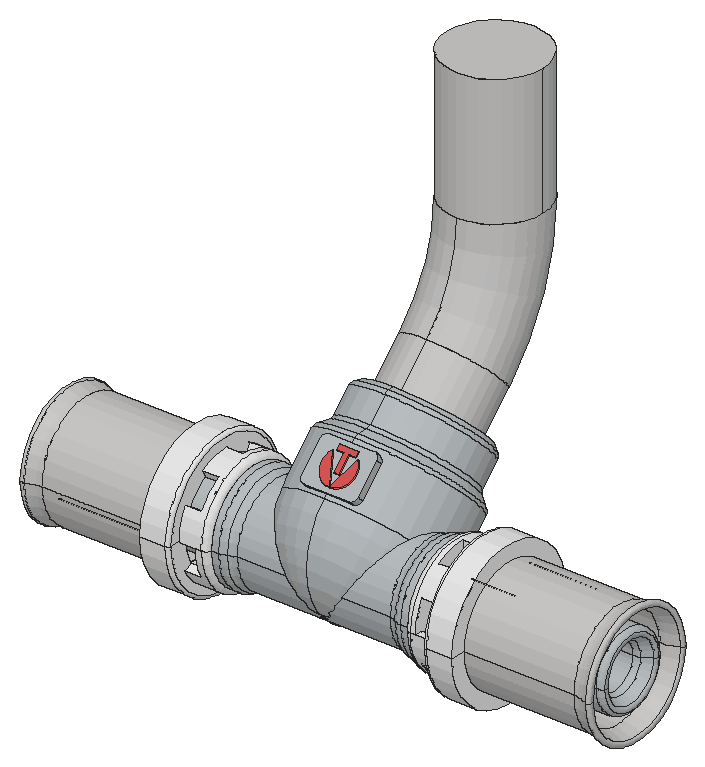
Revit family "VTm_282_ТройникПресс_c_ХромТрубкой", category Соединительные детали трубопроводов, Revit 2017
Family settings
  Размер круглого соединителя = Использовать диаметр
  Тип детали = Боковой тройник
  На основе рабочей плоскости = Нет
  Всегда вертикально = Да
  При загрузке вырезать с полостями = Нет
  Общий = Нет
Parameters (values of type "16 х 15 х 16")
  Фактическая высота от оси пресс гильз до верх торца хром трубки [instance] = h  # 60.00 mm
  Тело = VTm_282_ТелоТройникПрессСХромТ_16_15_16 : VTm_282_ТелоТройникПрессСХромТ_16_15_16
  РадТрубки = 7.502 mm
  Рад3 = DN3 / 4  # 4.00 mm
  Рад2 = DN2 / 4  # 3.75 mm
  Рад1 = DN1 / 4  # 4.00 mm
  Описание = "Служит для подключения отопительного прибора к разводке из металлополимерных труб"  # constant formula
  Комментарии к типоразмеру = "Модель разработана по заказу ВЕСТА Регионы, автор Михаил Кузьмин НПО Инкомис, правообладатель ВЕСТА Регионы"  # constant formula
  Изготовитель = "VALTEC"  # constant formula
  Желаемая высота от оси пресс гильз до верх торца хром трубки [instance] = 60.00 mm
  h [instance] = if(or(Желаемая высота от оси пресс гильз до верх торца хром трубки < 55.00 mm), 55.00 mm, if(or(Желаемая высота от оси пресс гильз до верх торца хром трубки > 700.00 mm), 700.00 mm, Желаемая высота от оси пресс гильз до верх торца хром трубки))  # 60.00 mm
  DN3 = 16.00 mm
  DN2 = 15.00 mm
  DN1 = 16.00 mm
  H [instance] = if(or(Желаемая высота от оси пресс гильз до верх торца хром трубки = 300.00 mm), 299.00 mm, if(or(Желаемая высота от оси пресс гильз до верх торца хром трубки = 700.00 mm), 699.00 mm, Желаемая высота от оси пресс гильз до верх торца хром трубки))  # 60.00 mm
  Длина основы 3 = 17.30 mm
  Длина основы 1 = 17.30 mm
  Гильза2 = VTm_282_Гильза_от_16_до_20 : 16
  Гильза1 = VTm_282_Гильза_от_16_до_20 : 16
  Видеть резьбу [instance] = yes
  VT_Цена базовая [instance] = if(and(DN1 = 16.00 mm, DN3 = 16.00 mm, H > 55.00 mm, H < 300.00 mm), 543, if(and(DN1 = 16.00 mm, DN3 = 16.00 mm, H > 300.00 mm, H < 700.00 mm), 0, if(and(DN1 = 20.00 mm, DN3 = 20.00 mm, H > 55.00 mm, H < 300.00 mm), 597, if(and(DN1 = 20.00 mm, DN3 = 20.00 mm, H > 300.00 mm, H < 700.00 mm), 0, if(and(DN1 = 20.00 mm, DN3 = 16.00 mm, H > 55.00 mm, H < 300.00 mm), 553, if(and(DN1 = 20.00 mm, DN3 = 16.00 mm, H > 300.00 mm, H < 700.00 mm), 0, if(and(DN1 = 16.00 mm, DN3 = 20.00 mm, H > 55.00 mm, H < 300.00 mm), 553, if(and(DN1 = 16.00 mm, DN3 = 20.00 mm, H > 300.00 mm, H < 700.00 mm), 0, 0))))))))  # 543
  VT_sleeve = Нержавеющая сталь
  VT_ring = Пластмасса, непрозрачная, белая
  VT_logo = Алюминий, анодированный красный
  VT_body = Цинк
  URL = "http://valtec.ru/catalog/sistemy_metallopolimernyh_i_polimernyh_truboprovodov/press_fitingi/press_fiting_trojnik_s_hromirovannoj_trubkoj_vtm282n.html"
  ADSK_Примечание = ""
  ADSK_Позиция [instance] = if(and(DN1 = 16.00 mm, DN3 = 16.00 mm, H > 55.00 mm, H < 300.00 mm), "282.161630", if(and(DN1 = 16.00 mm, DN3 = 16.00 mm, H > 300.00 mm, H < 700.00 mm), "282.161670", if(and(DN1 = 20.00 mm, DN3 = 20.00 mm, H > 55.00 mm, H < 300.00 mm), "282.202030", if(and(DN1 = 20.00 mm, DN3 = 20.00 mm, H > 300.00 mm, H < 700.00 mm), "282.202070", if(and(DN1 = 20.00 mm, DN3 = 16.00 mm, H > 55.00 mm, H < 300.00 mm), "282.201630L", if(and(DN1 = 20.00 mm, DN3 = 16.00 mm, H > 300.00 mm, H < 700.00 mm), "282.201670L", if(and(DN1 = 16.00 mm, DN3 = 20.00 mm, H > 55.00 mm, H < 300.00 mm), "282.201630R", if(and(DN1 = 16.00 mm, DN3 = 20.00 mm, H > 300.00 mm, H < 700.00 mm), "282.201670R", "Такого типоразмера не существует"))))))))  # "282.161630"
  ADSK_Обозначение [instance] = if(and(DN1 = 16.00 mm, DN3 = 16.00 mm, H > 55.00 mm, H < 300.00 mm), "VTm.282.N.161516-30", if(and(DN1 = 16.00 mm, DN3 = 16.00 mm, H > 300.00 mm, H < 700.00 mm), "VTm.282.N.161516-70", if(and(DN1 = 20.00 mm, DN3 = 20.00 mm, H > 55.00 mm, H < 300.00 mm), "VTm.282.N.201520-30", if(and(DN1 = 20.00 mm, DN3 = 20.00 mm, H > 300.00 mm, H < 700.00 mm), "VTm.282.N.201520-70", if(and(DN1 = 20.00 mm, DN3 = 16.00 mm, H > 55.00 mm, H < 300.00 mm), "VTm.282.N.201516-30L", if(and(DN1 = 20.00 mm, DN3 = 16.00 mm, H > 300.00 mm, H < 700.00 mm), "VTm.282.N.201516-70L", if(and(DN1 = 16.00 mm, DN3 = 20.00 mm, H > 55.00 mm, H < 300.00 mm), "VTm.282.N.201516-30R", if(and(DN1 = 16.00 mm, DN3 = 20.00 mm, H > 300.00 mm, H < 700.00 mm), "VTm.282.N.201516-70R", "Такого типоразмера не существует"))))))))  # "VTm.282.N.161516-30"
  ADSK_Наименование [instance] = if(and(DN1 = 16.00 mm, DN3 = 16.00 mm, H > 55.00 mm, H < 300.00 mm), "Тройник пресс с хромированной трубкой короткий 16х15х16х300", if(and(DN1 = 16.00 mm, DN3 = 16.00 mm, H > 300.00 mm, H < 700.00 mm), "Тройник пресс с хромированной трубкой длинный 16х15х16х700", if(and(DN1 = 20.00 mm, DN3 = 20.00 mm, H > 55.00 mm, H < 300.00 mm), "Тройник пресс с хромированной трубкой короткий 20х15х20х300", if(and(DN1 = 20.00 mm, DN3 = 20.00 mm, H > 300.00 mm, H < 700.00 mm), "Тройник пресс с хромированной трубкой длинный 20х15х20х700", if(and(DN1 = 20.00 mm, DN3 = 16.00 mm, H > 55.00 mm, H < 300.00 mm), "Тройник пресс с хромированной трубкой короткий левый 20х15х16х300L", if(and(DN1 = 20.00 mm, DN3 = 16.00 mm, H > 300.00 mm, H < 700.00 mm), "Тройник пресс с хромированной трубкой длинный левый 16х15х16х700L", if(and(DN1 = 16.00 mm, DN3 = 20.00 mm, H > 55.00 mm, H < 300.00 mm), "Тройник пресс с хромированной трубкой короткий правый 20х15х16х300R", if(and(DN1 = 16.00 mm, DN3 = 20.00 mm, H > 300.00 mm, H < 700.00 mm), "Тройник пресс с хромированной трубкой длинный правый 20х15х16х700R", "Такого типоразмера не существует"))))))))  # "Тройник пресс с хромированной трубкой короткий 16х15х16х300"
  ADSK_Масса_Текст [instance] = if(and(DN1 = 16.00 mm, DN3 = 16.00 mm, H > 55.00 mm, H < 300.00 mm), "0,231", if(and(DN1 = 16.00 mm, DN3 = 16.00 mm, H > 300.00 mm, H < 700.00 mm), "0,383", if(and(DN1 = 20.00 mm, DN3 = 20.00 mm, H > 55.00 mm, H < 300.00 mm), "0,255", if(and(DN1 = 20.00 mm, DN3 = 20.00 mm, H > 300.00 mm, H < 700.00 mm), "0,355", if(and(DN1 = 20.00 mm, DN3 = 16.00 mm, H > 55.00 mm, H < 300.00 mm), "0,241", if(and(DN1 = 20.00 mm, DN3 = 16.00 mm, H > 300.00 mm, H < 700.00 mm), "0,341", if(and(DN1 = 16.00 mm, DN3 = 20.00 mm, H > 55.00 mm, H < 300.00 mm), "0,241", if(and(DN1 = 16.00 mm, DN3 = 20.00 mm, H > 300.00 mm, H < 700.00 mm), "0,341", " "))))))))  # "0,231"
  ADSK_Масса [instance] = if(and(DN1 = 16.00 mm, DN3 = 16.00 mm, H > 55.00 mm, H < 300.00 mm), 0.231, if(and(DN1 = 16.00 mm, DN3 = 16.00 mm, H > 300.00 mm, H < 700.00 mm), 0.383, if(and(DN1 = 20.00 mm, DN3 = 20.00 mm, H > 55.00 mm, H < 300.00 mm), 0.255, if(and(DN1 = 20.00 mm, DN3 = 20.00 mm, H > 300.00 mm, H < 700.00 mm), 0.355, if(and(DN1 = 20.00 mm, DN3 = 16.00 mm, H > 55.00 mm, H < 300.00 mm), 0.241, if(and(DN1 = 20.00 mm, DN3 = 16.00 mm, H > 300.00 mm, H < 700.00 mm), 0.341, 0))))))  # 0.231
  ADSK_Завод-изготовитель = "VALTEC"  # constant formula
  ADSK_Единица измерения = "шт"  # constant formula
  ADSK_Версия семейства = "01.01"  # constant formula
  ADSK_Версия Revit = "2017"  # constant formula
Types (4, lengths in mm): name | Тело | Рад3 | Рад1 | DN3 | DN1 | Гильза2 | Гильза1 | VT_Цена базовая | ADSK_Позиция | ADSK_Обозначение | ADSK_Наименование | ADSK_Масса_Текст | ADSK_Масса
  16 х 15 х 16 | VTm_282_ТелоТройникПрессСХромТ_16_15_16 : VTm_282_ТелоТройникПрессСХромТ_16_15_16 | 4.00 | 4.00 | 16.00 | 16.00 | VTm_282_Гильза_от_16_до_20 : 16 | VTm_282_Гильза_от_16_до_20 : 16 | 543 | "282.161630" | "VTm.282.N.161516-30" | "Тройник пресс с хромированной трубкой короткий 16х15х16х300" | "0,231" | 0.231
  20 х 15 х 20 | VTm_282_ТелоТройникПрессСХромТ_20_15_20 : VTm_282_ТелоТройникПрессСХромТ_20_15_20 | 5.00 | 5.00 | 20.00 | 20.00 | VTm_282_Гильза_от_16_до_20 : 20 | VTm_282_Гильза_от_16_до_20 : 20 | 597 | "282.202030" | "VTm.282.N.201520-30" | "Тройник пресс с хромированной трубкой короткий 20х15х20х300" | "0,255" | 0.255
  20 х 15 х 16 L | VTm_282_ТелоТройникПрессСХромТ_20_15_16 : VTm_282_ТелоТройникПрессСХромТ_20_15_16 | 4.00 | 5.00 | 16.00 | 20.00 | VTm_282_Гильза_от_16_до_20 : 16 | VTm_282_Гильза_от_16_до_20 : 20 | 553 | "282.201630L" | "VTm.282.N.201516-30L" | "Тройник пресс с хромированной трубкой короткий левый 20х15х16х300L" | "0,241" | 0.241
  20 х 15 х 16 R | VTm_282_ТелоТройникПрессСХромТ_16_15_20 : VTm_282_ТелоТройникПрессСХромТ_16_15_20 | 5.00 | 4.00 | 20.00 | 16.00 | VTm_282_Гильза_от_16_до_20 : 20 | VTm_282_Гильза_от_16_до_20 : 16 | 553 | "282.201630R" | "VTm.282.N.201516-30R" | "Тройник пресс с хромированной трубкой короткий правый 20х15х16х300R" | "0,241" | 0
Reference planes
  plane 1 "По центру (Вперед/Назад)": y = 0
  plane 2: z = 0
  plane 3 "По центру (Влево/Вправо)": x = 0
  plane 4: x = -17.3
  plane 5: x = 17.3
  plane 6: x = -33.3
  plane 7: x = -49.3
  plane 8: x = 33.3
  plane 9: x = 49.3
  plane 10: y = -16
  plane 11: y = 16
  plane 12: z = 60
  plane 13 "ОсьТрубки": y = 28
  plane 14: z = 55
  plane 15: z = 39.598
  plane 16: through (0, 0, 39.598) normal (0, -0.7071, -0.7071)
  plane 17 "БазаТрубки": through (0, 17.668, 3.174) normal (0, 0.7071, 0.7071)
  plane 18: through (0, 0, 0) normal (0, 0.7071, -0.7071)
Forms (mm)
  Extrusion 1, solid, not visible
    sketch origin (0, 0, 0) x (0, 1, 0) y (0, 0, 1)
      loop
        circle (0, 0) r 4
    from 0 to -17.3
  Extrusion 2, solid, not visible
    sketch origin (0, 0, 0) x (0, 1, 0) y (0, 0, -1)
      loop
        circle (0, 0) r 4
    from 0 to -17.3
  Extrusion 3, solid, material "Нержавеющая сталь" <- "VT_sleeve", detail levels fine
    sketch origin (0, 0, 0) x (1, 0, 0) y (0, 1, 0)
      loop
        circle (0, 28) r 7.502
    from 39.598 to 60
  SweptBlend 4, solid, material "Нержавеющая сталь" <- "VT_sleeve", detail levels fine
    path in 3D
      loop
        arc (0, 19.799, 19.799) -> (0, 25.869, 28.883) -> (0, 28, 39.598) r 28
    profile origin (0, 19.799, 19.799) x (0, -0.707107, 0.707107) y (1, 0, 0)
      loop
        circle (0, 0) r 7.502
    end profile origin (0, 28, 39.598) x (0, -1, 0) y (1, 0, 0)
      loop
        circle (0, 0) r 7.502
  Extrusion 5, solid, material "Нержавеющая сталь" <- "VT_sleeve", detail levels fine
    sketch origin (0, 10.421, 10.421) x (0, 0.707107, -0.707107) y (-1, 0, 0)
      loop
        circle (0, 0) r 7.502
    from 0 to 13.262
Cuts and joins
  joined: Extrusion 1, Extrusion 2
  joined: Extrusion 3, SweptBlend 4, Extrusion 5
Lines and regions (mm)
  model lines, style "VT_symbol", detail levels medium
    curve 1: line (-17.3, 16, 0) -> (-49.3, -16, 0)
    curve 2: line (-49.3, 16, 0) -> (-17.3, -16, 0)
    curve 3: line (17.3, 16, 0) -> (49.3, -16, 0)
    curve 4: line (49.3, 16, 0) -> (17.3, -16, 0)
  model lines, style "VT_symbol", detail levels coarse+medium
    curve 5: line (-17.3, 0, 0) -> (17.3, 0, 0)
    curve 6: line (0, 0, 0) -> (0, 19.799, 19.799)
    curve 7: arc (0, 19.799, 19.799) -> (0, 25.869, 28.883) -> (0, 28, 39.598) r 28
    curve 8: line (0, 28, 39.598) -> (0, 28, 60)
  sketch lines
    curve 9: arc (0, 19.799, 19.799) -> (0, 25.869, 28.883) -> (0, 28, 39.598) r 28
Dimensions and locks
  "Длина основы 1": plane 4 to plane 3 "По центру (Влево/Вправо)"
  "Длина основы 3": plane 3 "По центру (Влево/Вправо)" to plane 5
  equal spacing: plane 11, plane 1 "По центру (Вперед/Назад)", plane 10
  equal spacing: plane 7, plane 6, plane 4
  equal spacing: plane 5, plane 8, plane 9
  "DN1": plane 5 to plane 8
  "DN1": plane 6 to plane 4
  "DN1": plane 10 to plane 1 "По центру (Вперед/Назад)"
  locked: plane 13 "ОсьТрубки" to plane 1 "По центру (Вперед/Назад)" at 28
  locked: plane 14 to plane 2 at 55
  plane 15 to plane 2 = 39.598 mm
  "h": plane 12 to plane 2
  "Рад1": radius of Extrusion 1 sketch curve
  "Рад3": radius of Extrusion 2 sketch curve
  "РадТрубки": radius of Extrusion 3 sketch curve
  "РадТрубки": radius of SweptBlend 4 sketch curve  (x2)
  "РадТрубки": radius of Extrusion 5 sketch curve
  aligned and locked: level to plane 2
  aligned and locked: plane 1 "По центру (Вперед/Назад)" to Extrusion 1 sketch curve
  aligned and locked: plane 2 to Extrusion 1 sketch curve
  aligned and locked: plane 3 "По центру (Влево/Вправо)" to Extrusion 1
  aligned and locked: Extrusion 1 to plane 4
  aligned and locked: plane 5 to Extrusion 2
  aligned and locked: Extrusion 2 to plane 3 "По центру (Влево/Вправо)"
  aligned and locked: plane 11 to curve 1
  aligned and locked: plane 4 to curve 1
  aligned and locked: plane 4 to curve 2
  aligned and locked: plane 10 to curve 2
  aligned and locked: plane 10 to curve 1
  aligned and locked: plane 7 to curve 1
  aligned and locked: plane 7 to curve 2
  aligned and locked: plane 11 to curve 2
  aligned and locked: plane 5 to curve 3
  aligned and locked: plane 11 to curve 3
  aligned and locked: plane 11 to curve 4
  aligned and locked: plane 9 to curve 4
  aligned and locked: plane 9 to curve 3
  aligned and locked: plane 10 to curve 3
  aligned and locked: plane 10 to curve 4
  aligned and locked: plane 5 to curve 4
  aligned and locked: plane 4 to curve 5
  aligned and locked: plane 5 to curve 5
  aligned and locked: nested 2 to plane 1 "По центру (Вперед/Назад)"
  aligned and locked: nested 2 to plane 2
  aligned and locked: nested 1 to plane 1 "По центру (Вперед/Назад)"
  aligned and locked: nested 1 to plane 2
  aligned and locked: plane 3 "По центру (Влево/Вправо)" to nested 3
  aligned and locked: plane 1 "По центру (Вперед/Назад)" to nested 3
  aligned and locked: plane 13 "ОсьТрубки" to curve 8
  aligned and locked: plane 1 "По центру (Вперед/Назад)" to curve 7
  aligned and locked: plane 15 to curve 7
  aligned and locked: curve 6 to plane 18
  aligned and locked: plane 12 to curve 8
  aligned and locked: plane 13 "ОсьТрубки" to Extrusion 3 sketch curve
  aligned and locked: plane 3 "По центру (Влево/Вправо)" to Extrusion 3 sketch curve
  aligned and locked: plane 12 to Extrusion 3
  aligned and locked: Extrusion 3 to plane 15
  aligned and locked: plane 3 "По центру (Влево/Вправо)" to SweptBlend 4 sketch curve  (x2)
  aligned and locked: profile plane to plane 3 "По центру (Влево/Вправо)"  (x2)
  aligned and locked: plane 13 "ОсьТрубки" to SweptBlend 4 sketch curve
  aligned and locked: profile plane to plane 13 "ОсьТрубки"
  aligned and locked: plane 3 "По центру (Влево/Вправо)" to Extrusion 5 sketch curve
  aligned and locked: plane 18 to Extrusion 5 sketch curve
  aligned and locked: Extrusion 5 to plane 17 "БазаТрубки"
  aligned and locked: Extrusion 5 to plane 16
  aligned and locked: nested 5 to plane 1 "По центру (Вперед/Назад)"
  aligned and locked: nested 4 to plane 1 "По центру (Вперед/Назад)"
  aligned and locked: nested 5 to plane 2
  aligned and locked: plane 2 to nested 4
Automatic sketch dimensions
  plane 1 "По центру (Вперед/Назад)" to curve 5 = 0.00 mm
  curve 6 to level = 0.00 mm
  SweptBlend 4 sketch curve to profile plane = 0.00 mm
  Extrusion 2 sketch curve to level = 0.00 mm
  Extrusion 2 sketch curve to plane 1 "По центру (Вперед/Назад)" = 0.00 mm
Nested families
  nested 1: "MarkR" at (-17.3, 0, 0) x (0, 1, 0) z (1, 0, 0), type "MarkR", not visible
  nested 2: "MarkR" at (17.3, 0, 0) x (0, 1, 0) z (1, 0, 0), type "MarkR", not visible
  nested 3: "VTm_282_ТелоТройникПрессСХромТ_16_15_16" at (0, 0, 0), type <- "Тело", type "VTm_282_ТелоТройникПрессСХромТ_16_15_16", detail levels fine
  nested 4: "VTm_282_Гильза_от_16_до_20" at (-17.3, 0, 0) x (0, 1, 0) z (-1, 0, 0), type <- "Гильза1", type "16", detail levels fine
  nested 5: "VTm_282_Гильза_от_16_до_20" at (17.3, 0, 0) x (0, 1, 0) z (1, 0, 0), type <- "Гильза2", type "16", detail levels fine
Connectors
  piping at (-17.3, 0, 0), diameter 16, driven by "DN1"
    settings: on Extrusion 1, index 1, connector inside diameter 609.6 mm, connector length 0.00 mm, flow factor 0, pipe flow 0.0 L/s, pressure drop 0.0 Pa, fitting loss kfactor 0, connector angle 0.00°, fixture units 0, engagement length 0.00 mm, angle of deflection 0.00°, flow configuration 0, flow direction 0, fitting loss method 0, system type 28, joint type 0, gender type 0, connector reference index 2, connector utility 0, adjustable connector no, is connector primary yes, connector description ""
  piping at (17.3, 0, 0), diameter 16, driven by "DN3"
    settings: on Extrusion 2, index 2, connector inside diameter 609.6 mm, connector length 0.00 mm, flow factor 0, pipe flow 0.0 L/s, pressure drop 0.0 Pa, fitting loss kfactor 0, connector angle 0.00°, fixture units 0, engagement length 0.00 mm, angle of deflection 0.00°, flow configuration 0, flow direction 0, fitting loss method 0, system type 28, joint type 0, gender type 0, connector reference index 1, connector utility 0, adjustable connector no, is connector primary no, connector description ""
  piping at (0, 28, 60), diameter 15, driven by "DN2"
    settings: on cut or joined group of Extrusion 3, SweptBlend 4, Extrusion 5, index 3, connector inside diameter 609.6 mm, connector length 0.00 mm, flow factor 0, pipe flow 0.0 L/s, pressure drop 0.0 Pa, fitting loss kfactor 0, connector angle 0.00°, fixture units 0, engagement length 0.00 mm, angle of deflection 0.00°, flow configuration 0, flow direction 0, fitting loss method 0, system type 28, joint type 0, gender type 0, connector reference index -1, connector utility 0, adjustable connector no, is connector primary no, connector description ""
Definition of nested family "VTm_282_ТелоТройникПрессСХромТ_16_15_16"
  Parameters (values of type "VTm_282_ТелоТройникПрессСХромТ_16_15_16")
    Default Elevation = 1219.20 mm
    VT_logo = none
    VT_body = none
  Reference planes
    plane 1 "По центру (Вперед/Назад)": y = 0
    plane 2: z = 0
    plane 3 "По центру (Влево/Вправо)": x = 0
    plane 4: z = 12.031
    plane 5: z = -12.031
    plane 6: y = -7.75
    plane 7: x = -12
    plane 8: x = -10.25
    plane 9 "КосаяОснова": through (0, 0, 0) normal (0, 0.7071, -0.7071)
    plane 10: through (0, 0, 0) normal (0, 0.7071, 0.7071)
    plane 11: through (0, 8.014, -9.15) normal (0, 0.7071, -0.7071)
    plane 12: through (0, -8.582, 8.582) normal (0, 0.7071, -0.7071)
    plane 13: through (0, 20.492, 5.996) normal (0, -0.7071, 0.7071)
    plane 14: through (0, 17.678, 0.707) normal (0, -0.7071, 0.7071)
    plane 15: y = 3
    plane 16: z = 3
    plane 17: y = -8.5
  Forms (mm)
    Revolve 1, solid, material <- "VT_body"
      sketch origin (0, 0, 0) x (1, 0, 0) y (0, 1, 0)
        loop
          line (-11.997, -7.75) -> (11.997, -7.75)
          arc (11.997, -7.75) -> (12.609, -7.846) -> (13.163, -8.125) r 2
          arc (13.163, -8.125) -> (13.716, -8.404) -> (14.328, -8.5) r 2
          line (14.328, -8.5) -> (15.5, -8.5) -> (15.5, 0) -> (-15.5, 0) -> (-15.5, -8.5) -> (-14.328, -8.5)
          arc (-14.328, -8.5) -> (-13.716, -8.404) -> (-13.163, -8.125) r 2
          arc (-13.163, -8.125) -> (-12.609, -7.846) -> (-11.997, -7.75) r 2
        axis (-15.5, 0) -> (15.5, 0)
      angle from 0 to 360
    Revolve 2, solid, material <- "VT_body"
      sketch origin (0, 0, 0) x (0, 1, 0) y (0, 0, 1)
        loop
          arc (17.386, 0.416) -> (17.602, 0.738) -> (17.678, 1.119) r 0.995
          line (17.678, 1.119) -> (17.678, 2.767)
          arc (17.678, 2.767) -> (17.754, 3.15) -> (17.971, 3.475) r 1.001
          line (17.971, 3.475) -> (20.92, 6.424)
          arc (20.92, 6.424) -> (21.137, 6.749) -> (21.213, 7.133) r 1.002
          line (21.213, 7.133) -> (21.213, 8.132) -> (14.672, 14.672) -> (-5.485, -5.485)
          arc (-5.485, -5.485) -> (3, -9) -> (11.485, -5.485) r 12
          line (11.485, -5.485) -> (17.386, 0.416)
        axis (14.672, 14.672) -> (-5.485, -5.485)
      angle from 0 to 360
    Extrusion 3, solid, material <- "VT_body"
      sketch origin (0, 0, 0) x (0, -0.707107, -0.707107) y (-1, 0, 0)
        loop
          arc (-11.909, -3.502) -> (-11.617, -4.208) -> (-10.911, -4.5) r 0.998
          line (-10.911, -4.5) -> (-5.909, -4.5)
          arc (-5.909, -4.5) -> (-5.202, -4.207) -> (-4.909, -3.5) r 1
          line (-4.909, -3.5) -> (-4.909, 3.501)
          arc (-4.909, 3.501) -> (-5.202, 4.207) -> (-5.909, 4.5) r 0.999
          line (-5.909, 4.5) -> (-10.906, 4.5)
          arc (-10.906, 4.5) -> (-11.615, 4.206) -> (-11.909, 3.497) r 1.003
          line (-11.909, 3.497) -> (-11.909, -3.502)
      from -12.137 to 12.137
  Dimensions and locks
    equal spacing: plane 4, plane 2, plane 5, locked at 12.031 each
    locked: plane 7 to plane 3 "По центру (Влево/Вправо)" at 12
    locked: plane 8 to plane 3 "По центру (Влево/Вправо)" at 10.25
    locked: plane 6 to plane 1 "По центру (Вперед/Назад)" at 7.75
    equal spacing: Revolve 1, plane 3 "По центру (Влево/Вправо)", Revolve 1, locked at 15.5 each
    equal spacing: plane 11, plane 9 "КосаяОснова", plane 12, locked at 12.137 each
    Extrusion 3 sketch curve to plane 3 "По центру (Влево/Вправо)" to Extrusion 3 sketch curve = 4.50 mm, 4.50 mm
    Extrusion 3 sketch curve to Extrusion 3 sketch curve = 7.00 mm
    locked: plane 9 "КосаяОснова" to plane 14 at 12
    locked: plane 9 "КосаяОснова" to plane 13 at 10.25
    locked: plane 16 to plane 2 at 3
    locked: plane 15 to plane 1 "По центру (Вперед/Назад)" at 3
    locked: Revolve 2 to plane 10 at 20.75
    equal spacing: Extrusion 3, plane 3 "По центру (Влево/Вправо)", Extrusion 3, locked at 4.5 each
    locked: plane 10 to Extrusion 3 at 4.909
    locked: Extrusion 3 to plane 10 at 11.909
    equal spacing: Extrusion 3, nested 2, Extrusion 3, locked at 3.5 each
    equal spacing: Extrusion 3, nested 1, Extrusion 3, locked at 3.5 each
    locked: plane 1 "По центру (Вперед/Назад)" to plane 17 at 8.5
    aligned and locked: level to plane 2
    aligned and locked: plane 1 "По центру (Вперед/Назад)" to Revolve 1 sketch curve
    aligned and locked: Revolve 1 sketch curve to Revolve 1 sketch curve
    aligned and locked: plane 9 "КосаяОснова" to Revolve 2 sketch curve
    aligned and locked: Revolve 2 sketch curve to Revolve 2 sketch curve
    aligned and locked: Extrusion 3 to plane 12
    aligned and locked: plane 11 to Extrusion 3
    aligned and locked: Revolve 2 sketch curve to plane 14
    aligned and locked: Revolve 2 sketch curve to plane 13
    aligned and locked: plane 15 to Revolve 2 sketch curve
    aligned and locked: plane 16 to Revolve 2 sketch curve
    aligned and locked: nested 2 to plane 3 "По центру (Влево/Вправо)"
    aligned and locked: plane 3 "По центру (Влево/Вправо)" to nested 1
    aligned and locked: Revolve 1 sketch curve to plane 6
    aligned and locked: plane 17 to Revolve 1 sketch curve
    aligned and locked: Revolve 1 sketch curve to plane 17
  Automatic sketch dimensions
    Revolve 1 sketch curve to plane 7 = 3.50 mm
    Revolve 1 sketch curve to Revolve 1 sketch curve = 1.172 mm  (x2)
    plane 7 to Revolve 1 sketch curve = 0.003 mm
    plane 3 "По центру (Влево/Вправо)" to Revolve 1 sketch curve = 11.997 mm
    Revolve 1 sketch curve to Revolve 1 sketch curve = 2.332 mm
    Revolve 1 sketch curve to plane 6 = 2.00 mm  (x2)
    plane 6 to Revolve 1 sketch curve = 1.25 mm  (x2)
    Revolve 1 sketch curve to Revolve 1 sketch curve = 4.50 mm  (x2)
    plane 4 to Revolve 2 sketch curve = 2.641 mm
    level to Revolve 2 sketch curve = 1.119 mm
    level to Revolve 2 sketch curve = 3.475 mm
    Revolve 2 sketch curve to Revolve 2 sketch curve = 0.293 mm
    Revolve 2 sketch curve to Revolve 2 sketch curve = 2.24 mm
    level to Revolve 2 sketch curve = 6.424 mm
    plane 5 to Revolve 2 sketch curve = 1.425 mm
    plane 4 to Revolve 2 sketch curve = 5.646 mm
    plane 3 "По центру (Влево/Вправо)" to Extrusion 3 sketch curve = 3.502 mm
    plane 10 to Extrusion 3 sketch curve = 11.909 mm
    Extrusion 3 sketch curve to Extrusion 3 sketch curve = 1.003 mm
    Extrusion 3 sketch curve to Extrusion 3 sketch curve = 1.00 mm
    Extrusion 3 sketch curve to Extrusion 3 sketch curve = 0.999 mm
  Nested families
    nested 1: "VTm_282_Logo_5_5mm" at (0, -2.636, 14.528) x (1, 0, 0) z (0, -0.7071, 0.7071), type "VTm_282_Logo_5_5mm"
    nested 2: "VTm_282_Logo_5_5mm" at (0, 14.528, -2.636) x (-1, 0, 0) z (0, 0.7071, -0.7071), type "VTm_282_Logo_5_5mm"
  Definition of nested family "VTm_282_Logo_5_5mm"
    Parameters (values of type "VTm_282_Logo_5_5mm")
      Default Elevation = 0.00 mm
      Description = ""
      Type Comments = ""
      VT_logo = none
    Reference planes
      plane 1 "По центру (Вперед/Назад)": y = 0
      plane 2: z = 0
      plane 3 "По центру (Влево/Вправо)": x = 0
      plane 4: z = -0.8
      plane 5: z = 0.1
    Forms (mm)
      Extrusion 1, solid, not visible
        sketch origin (0, 0, 0) x (1, 0, 0) y (0, 1, 0)
          loop
            line (-1219.2, 1219.2) -> (-1219.2, -1219.2) -> (1219.2, -1219.2) -> (1219.2, 1219.2) -> (-1219.2, 1219.2)
        from 0 to -304.8
      Extrusion 2, solid, material <- "VT_logo"
        sketch origin (0, 0, 0) x (1, 0, 0) y (0, 1, 0)
          loop
            arc (-2.006, 1.803) -> (-2.464, -1.097) -> (-0.002, -2.697) r 2.697
            line (-0.002, -2.697) -> (-2.006, 1.803)
          loop
            line (-0.42, 1.945) -> (-0.42, -0.8) -> (0.42, -0.8) -> (0.42, 1.945) -> (1.5, 1.945) -> (1.5, 2.749) -> (-1.5, 2.749) -> (-1.5, 1.945) -> (-0.42, 1.945)
        from -0.8 to 0.1
      Extrusion 3, solid, material <- "VT_logo"
        sketch origin (0, 0, 0) x (1, 0, 0) y (0, 1, 0)
          loop
            arc (0.002, -2.697) -> (2.464, -1.097) -> (2.006, 1.803) r 2.697
            line (2.006, 1.803) -> (0.002, -2.697)
        from -0.8 to 0.1
    Dimensions and locks
      equal spacing: Extrusion 2 sketch curve, plane 3 "По центру (Влево/Вправо)", Extrusion 2 sketch curve  (x2)
      plane 3 "По центру (Влево/Вправо)" to Extrusion 2 sketch curve = 0.42 mm
      Extrusion 2 sketch curve to plane 3 "По центру (Влево/Вправо)" to Extrusion 2 sketch curve = 1.50 mm, 1.50 mm
      Extrusion 2 sketch curve to Extrusion 2 sketch curve = 0.803 mm  (x2)
      locked: plane 2 to plane 4 at 0.8
      locked: plane 5 to plane 2 at 0.1
      equal spacing: Extrusion 2, plane 3 "По центру (Влево/Вправо)", Extrusion 2, locked at 1.5 each
      equal spacing: Extrusion 2, plane 3 "По центру (Влево/Вправо)", Extrusion 2, locked at 0.42 each
      locked: Extrusion 2 to plane 1 "По центру (Вперед/Назад)" at 2.749
      locked: Extrusion 2 to plane 1 "По центру (Вперед/Назад)" at 0.8
      locked: Extrusion 2 to Extrusion 2 at 0.803
      Extrusion 2 sketch curve to plane 1 "По центру (Вперед/Назад)" = 0.80 mm
      aligned and locked: plane 2 to Extrusion 1
      aligned and locked: level to Extrusion 1
      aligned and locked: plane 5 to Extrusion 2
      aligned and locked: plane 3 "По центру (Влево/Вправо)" to Extrusion 2 sketch curve
      aligned and locked: plane 1 "По центру (Вперед/Назад)" to Extrusion 2 sketch curve
      aligned and locked: plane 3 "По центру (Влево/Вправо)" to Extrusion 3 sketch curve
      aligned and locked: plane 1 "По центру (Вперед/Назад)" to Extrusion 3 sketch curve
      aligned and locked: plane 5 to Extrusion 3
      aligned and locked: Extrusion 2 to plane 4
      aligned and locked: Extrusion 2 to Extrusion 3
    Automatic sketch dimensions
      Extrusion 1 sketch curve to Extrusion 1 sketch curve = 2438.40 mm  (x2)
      Extrusion 2 sketch curve to Extrusion 2 sketch curve = 0.506 mm
      Extrusion 2 sketch curve to plane 3 "По центру (Влево/Вправо)" = 0.002 mm
      Extrusion 2 sketch curve to Extrusion 2 sketch curve = 1.897 mm
      Extrusion 2 sketch curve to Extrusion 2 sketch curve = 0.142 mm
      plane 3 "По центру (Влево/Вправо)" to Extrusion 3 sketch curve = 0.002 mm
      plane 3 "По центру (Влево/Вправо)" to Extrusion 3 sketch curve = 2.006 mm
      plane 1 "По центру (Вперед/Назад)" to Extrusion 3 sketch curve = 2.697 mm
Definition of nested family "VTm_282_Гильза_от_16_до_20"
  Parameters (values of type "16")
    ТолщСтенкТруб = 2.10 mm
    РегулировкаВысотГильз = 17.30 mm
    РадПерфНаруж = 9.30 mm
    РадПерфВнутр = РадПерфНаруж - 1.30 mm  # 8.00 mm
    РадГабаритКольца = 11.20 mm
    Default Elevation = 0.00 mm
    НарРадТруб = НарДиамТруб / 2  # 8.00 mm
    НарДиамТруб = 16.00 mm
    ВысотаОкон = 2.697 mm
    VT_body = none
    VT_ring = none
    VT_sleeve = none
  Types (2, lengths in mm): name | РегулировкаВысотГильз | РадПерфНаруж | РадПерфВнутр | РадГабаритКольца | НарРадТруб | НарДиамТруб
    16 | 17.30 | 9.30 | 8.00 | 11.20 | 8.00 | 16.00
    20 | 17.35 | 11.45 | 10.15 | 13.20 | 10.05 | 20.10
  Reference planes
    plane 1 "По центру (Вперед/Назад)": y = 0
    plane 2: z = 0
    plane 3 "По центру (Влево/Вправо)": x = 0
    plane 4: z = -1.8
    plane 5: z = 2.697
    plane 6: z = 7.197
    plane 7: x = -11.2
    plane 8: x = -9.3
    plane 9 "РадПерфВнутр": x = -8
    plane 10: through (0, 0, 1219.2) normal (-0.5, -0.866, 0)
    plane 11: through (0, 0, 1219.2) normal (-0.866, -0.5, 0)
    plane 12: through (0, 0, 1219.2) normal (-0.866, 0.5, 0)
    plane 13: through (0, 0, 1219.2) normal (-0.5, 0.866, 0)
    plane 14: x = -8.9
    plane 15: z = 24.497
    plane 16: z = 27.313
    plane 17: x = -5.9
    plane 18: x = -3.5
    plane 19 "РадНарТруб": x = -8
    plane 20: x = -13.75
  Forms (mm)
    Extrusion 1, solid, not visible
      sketch origin (0, 0, 0) x (1, 0, 0) y (0, 1, 0)
        loop
          line (-1219.2, 1219.2) -> (-1219.2, -1219.2) -> (1219.2, -1219.2) -> (1219.2, 1219.2) -> (-1219.2, 1219.2)
      from 0 to -304.8
    Revolve 2, solid, material <- "VT_ring"
      sketch origin (0, 0, 0) x (1, 0, 0) y (0, 0, 1)
        loop
          line (-8, 0) -> (-8, 2.697) -> (-9.3, 2.697) -> (-9.3, -0.817)
          arc (-9.3, -0.817) -> (-9.012, -1.512) -> (-8.317, -1.8) r 0.983
          line (-8.317, -1.8) -> (0, -1.8) -> (0, 0) -> (-8, 0)
        axis (0, 2.697) -> (0, -1.8)
      angle from 0 to 360
    Extrusion 3, void
      sketch origin (0, 0, 0) x (1, 0, 0) y (0, 1, 0)
        loop
          line (-9.3, 0) -> (-8, 0)
          arc (-8, 0) -> (-7.727, 2.071) -> (-6.928, 4) r 8
          line (-6.928, 4) -> (-8.054, 4.65)
          arc (-8.054, 4.65) -> (-8.983, 2.407) -> (-9.3, 0) r 9.3
        loop
          arc (-4, 6.928) -> (-2.071, 7.727) -> (0, 8) r 8
          line (0, 8) -> (0, 9.3)
          arc (0, 9.3) -> (-2.407, 8.983) -> (-4.65, 8.054) r 9.3
          line (-4.65, 8.054) -> (-4, 6.928)
        loop
          arc (4, 6.928) -> (5.657, 5.657) -> (6.928, 4) r 8
          line (6.928, 4) -> (8.054, 4.65)
          arc (8.054, 4.65) -> (6.576, 6.576) -> (4.65, 8.054) r 9.3
          line (4.65, 8.054) -> (4, 6.928)
        loop
          arc (8, 0) -> (7.727, -2.071) -> (6.928, -4) r 8
          line (6.928, -4) -> (8.054, -4.65)
          arc (8.054, -4.65) -> (8.983, -2.407) -> (9.3, 0) r 9.3
          line (9.3, 0) -> (8, 0)
        loop
          arc (4, -6.928) -> (2.071, -7.727) -> (0, -8) r 8
          line (0, -8) -> (0, -9.3)
          arc (0, -9.3) -> (2.407, -8.983) -> (4.65, -8.054) r 9.3
          line (4.65, -8.054) -> (4, -6.928)
        loop
          arc (-8.054, -4.65) -> (-6.576, -6.576) -> (-4.65, -8.054) r 9.3
          line (-4.65, -8.054) -> (-4, -6.928)
          arc (-4, -6.928) -> (-5.657, -5.657) -> (-6.928, -4) r 8
          line (-6.928, -4) -> (-8.054, -4.65)
      from 0 to 2.697
    Revolve 4, solid, material <- "VT_ring"
      sketch origin (0, 0, 0) x (1, 0, 0) y (0, 0, 1)
        loop
          line (-11.2, 7.197) -> (-11.2, 3.224)
          arc (-11.2, 3.224) -> (-11.046, 2.851) -> (-10.674, 2.697) r 0.526
          line (-10.674, 2.697) -> (-8, 2.697) -> (-8, 7.197) -> (-11.2, 7.197)
        axis (0, 2.697) -> (0, 7.197)
      angle from 0 to 360
    Revolve 5, solid, material <- "VT_sleeve"
      sketch origin (0, 0, 0) x (1, 0, 0) y (0, 0, 1)
        loop
          line (-8.9, 7.197) -> (-8, 7.197) -> (-8, 24.497)
          arc (-8, 24.497) -> (-8.187, 25.953) -> (-8.737, 27.313) r 5.75
          arc (-8.737, 27.313) -> (-9.35, 27.485) -> (-9.522, 26.873) r 0.45
          arc (-9.522, 26.873) -> (-9.058, 25.725) -> (-8.9, 24.497) r 4.85
          line (-8.9, 24.497) -> (-8.9, 7.197)
        axis (0, 27.313) -> (0, 7.197)
      angle from 0 to 360
    Revolve 6, solid, material <- "VT_body"
      sketch origin (0, 0, 0) x (1, 0, 0) y (0, 0, 1)
        loop
          line (-3.764, 24.955) -> (-4.576, 26.366)
          arc (-4.576, 26.366) -> (-4.898, 26.631) -> (-5.315, 26.617) r 0.591
          arc (-5.315, 26.617) -> (-5.74, 26.267) -> (-5.9, 25.739) r 0.951
          line (-5.9, 25.739) -> (-5.9, 0) -> (-3.5, 0) -> (-3.5, 23.969)
          arc (-3.5, 23.969) -> (-3.567, 24.479) -> (-3.764, 24.955) r 1.977
        axis (0, 26.617) -> (0, 0)
      angle from 0 to 360
  Cuts and joins
    Extrusion 3 cuts Revolve 2
  Dimensions and locks
    "РадГабаритКольца": plane 7 to plane 3 "По центру (Влево/Вправо)"
    "РадПерфНаруж": plane 8 to plane 3 "По центру (Влево/Вправо)"
    "РадПерфВнутр": plane 9 "РадПерфВнутр" to plane 3 "По центру (Влево/Вправо)"
    locked: plane 17 to plane 18 at 2.4
    "ТолщСтенкТруб": plane 19 "РадНарТруб" to plane 17
    "НарРадТруб": plane 19 "РадНарТруб" to plane 3 "По центру (Влево/Вправо)"
    locked: plane 14 to plane 19 "РадНарТруб" at 0.9
    "РегулировкаВысотГильз": plane 15 to plane 6
    locked: plane 16 to plane 15 at 2.816
    plane 16 to plane 4 = 29.113 mm
    locked: plane 19 "РадНарТруб" to plane 20 at 5.75
    locked: plane 6 to plane 5 at 4.5
    locked: plane 2 to plane 4 at 1.8
    "ВысотаОкон": plane 5 to plane 2
    "РадПерфВнутр": radius of Extrusion 3 sketch curve  (x6)
    "РадПерфНаруж": radius of Extrusion 3 sketch curve  (x6)
    aligned and locked: plane 2 to Extrusion 1
    aligned and locked: level to Extrusion 1
    aligned and locked: Revolve 2 sketch curve to plane 8
    aligned and locked: Revolve 2 sketch curve to plane 3 "По центру (Влево/Вправо)"
    aligned and locked: plane 2 to Revolve 2 sketch curve
    aligned and locked: plane 4 to Revolve 2 sketch curve  (x2)
    aligned and locked: Revolve 2 sketch curve to plane 2
    aligned and locked: Extrusion 3 sketch curve to plane 1 "По центру (Вперед/Назад)"
    aligned and locked: plane 10 to Extrusion 3 sketch curve
    aligned and locked: plane 3 "По центру (Влево/Вправо)" to Extrusion 3 sketch curve  (x13)
    aligned and locked: plane 1 "По центру (Вперед/Назад)" to Extrusion 3 sketch curve  (x13)
    aligned and locked: Extrusion 3 to plane 2
    aligned and locked: plane 5 to Extrusion 3
    aligned and locked: Revolve 2 sketch curve to plane 9 "РадПерфВнутр"
    aligned and locked: Revolve 2 sketch curve to plane 5
    aligned and locked: Extrusion 3 sketch curve to plane 11
    aligned and locked: Extrusion 3 sketch curve to plane 3 "По центру (Влево/Вправо)"
    aligned and locked: Extrusion 3 sketch curve to plane 12
    aligned and locked: plane 13 to Extrusion 3 sketch curve
    aligned and locked: Extrusion 3 sketch curve to plane 10
    aligned and locked: plane 11 to Extrusion 3 sketch curve
    aligned and locked: Extrusion 3 sketch curve to plane 13
    aligned and locked: plane 12 to Extrusion 3 sketch curve
    aligned and locked: plane 9 "РадПерфВнутр" to Revolve 4 sketch curve
    aligned and locked: plane 7 to Revolve 4 sketch curve
    aligned and locked: plane 6 to Revolve 4 sketch curve
    aligned and locked: Revolve 4 sketch curve to plane 5
    aligned and locked: plane 3 "По центру (Влево/Вправо)" to Revolve 4 sketch curve
    aligned and locked: plane 4 to Revolve 4 sketch curve
    aligned and locked: plane 2 to Revolve 4 sketch curve
    aligned and locked: Revolve 5 sketch curve to plane 3 "По центру (Влево/Вправо)"
    aligned and locked: plane 4 to Revolve 5 sketch curve
    aligned and locked: plane 2 to Revolve 5 sketch curve
    aligned and locked: Revolve 5 sketch curve to plane 14
    aligned and locked: Revolve 5 sketch curve to plane 6
    aligned and locked: Revolve 6 sketch curve to plane 2
    aligned and locked: plane 17 to Revolve 6 sketch curve
    aligned and locked: Revolve 6 sketch curve to plane 3 "По центру (Влево/Вправо)"
    aligned and locked: plane 4 to Revolve 6 sketch curve
    aligned and locked: plane 2 to Revolve 6 sketch curve
    aligned and locked: Revolve 6 sketch curve to plane 18
    aligned and locked: Revolve 5 sketch curve to plane 19 "РадНарТруб"
    aligned and locked: plane 20 to Revolve 5 sketch curve  (x2)
    aligned and locked: plane 15 to Revolve 5 sketch curve  (x2)
  Automatic sketch dimensions
    Extrusion 1 sketch curve to Extrusion 1 sketch curve = 2438.40 mm  (x2)
    Revolve 2 sketch curve to plane 3 "По центру (Влево/Вправо)" = 0.00 mm
    Revolve 2 sketch curve to plane 9 "РадПерфВнутр" = 0.317 mm
    Revolve 4 sketch curve to Revolve 4 sketch curve = 0.526 mm
    Revolve 5 sketch curve to plane 16 = 0.00 mm
    Revolve 5 sketch curve to Revolve 5 sketch curve = 0.00 mm  (x2)
    Revolve 6 sketch curve to plane 17 = 0.423 mm
    Revolve 6 sketch curve to plane 17 = 0.812 mm
    Revolve 6 sketch curve to Revolve 6 sketch curve = 0.139 mm
    Revolve 6 sketch curve to Revolve 6 sketch curve = 0.512 mm
    plane 18 to Revolve 6 sketch curve = 0.264 mm
    plane 15 to Revolve 6 sketch curve = 0.528 mm
    Revolve 6 sketch curve to Revolve 6 sketch curve = 0.332 mm
Definition of nested family "MarkR"
  Parameters (values of type "MarkR")
    Default Elevation = 0.00 mm
  Reference planes
    plane 1 "По центру (Вперед/Назад)": y = 0
    plane 2: z = 0
    plane 3 "По центру (Влево/Вправо)": x = 0
    plane 4: y = 0.437
    plane 5: x = -0.424
    plane 6: x = 0.424
    plane 7: y = -0.335
    plane 8: y = -0.62
    plane 9: y = 0.307
    plane 10: x = 0.537
    plane 11: x = -0.537
  Forms (mm)
    Extrusion 1, solid
      sketch origin (0, 0, 0) x (1, 0, 0) y (0, 1, 0)
        loop
          line (-1219.2, 1219.2) -> (-1219.2, -1219.2) -> (1219.2, -1219.2) -> (1219.2, 1219.2) -> (-1219.2, 1219.2)
      from 0 to -304.8
  Lines and regions (mm)
    model lines
      curve 1: circle (0, 0, 0) r 0.75 normal (0, 0, 1)
      curve 2: line (-0.537, 0.307, 0) -> (0, -0.62, 0)
      curve 3: line (0.537, 0.307, 0) -> (0, -0.62, 0)
      curve 4: line (0, -0.335, 0) -> (0, 0.437, 0)
      curve 5: line (-0.424, 0.437, 0) -> (0.424, 0.437, 0)
    model lines, not visible
      curve 6: circle (0, 0, 0) r 0.75 normal (0, 0, 1)
      curve 7: line (-0.537, 0.307, 0) -> (0, -0.62, 0)
      curve 8: line (0.537, 0.307, 0) -> (0, -0.62, 0)
      curve 9: line (0, -0.335, 0) -> (0, 0.437, 0)
      curve 10: line (-0.424, 0.437, 0) -> (0.424, 0.437, 0)
  Dimensions and locks
    locked: plane 4 to plane 1 "По центру (Вперед/Назад)" at 0.437
    locked: plane 7 to plane 1 "По центру (Вперед/Назад)" at 0.335
    locked: plane 9 to plane 1 "По центру (Вперед/Назад)" at 0.307
    locked: plane 8 to plane 1 "По центру (Вперед/Назад)" at 0.62
    equal spacing: plane 5, plane 3 "По центру (Влево/Вправо)", plane 6, locked at 0.424 each
    equal spacing: plane 11, plane 3 "По центру (Влево/Вправо)", plane 10, locked at 0.537 each
    aligned and locked: plane 2 to Extrusion 1
    aligned and locked: level to Extrusion 1
    aligned and locked: plane 2 to curve 1
    aligned and locked: plane 3 "По центру (Влево/Вправо)" to curve 1
    aligned and locked: plane 1 "По центру (Вперед/Назад)" to curve 1
  Automatic sketch dimensions
    Extrusion 1 sketch curve to Extrusion 1 sketch curve = 2438.40 mm  (x2)
